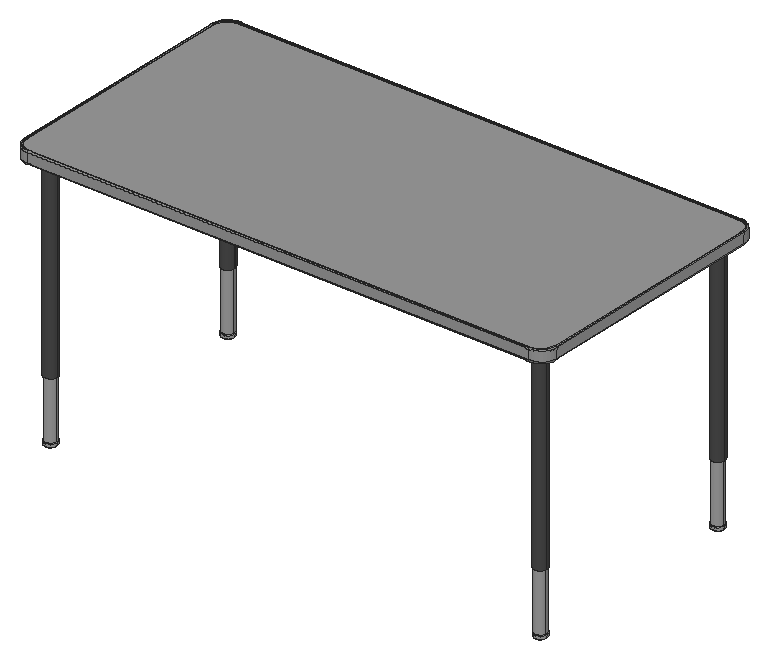
Revit family "Porcelain 6030 Rectangle Table", category Generic Models, Revit 2018
Family settings
  Can host rebar = No
  Round Connector Dimension = Use Diameter
  Part Type = Normal
  Work Plane-Based = No
  Always vertical = Yes
  Cut with Voids When Loaded = No
  Shared = No
  Room Calculation Point = No
Parameters
  Table Height = 2' - 5"
  Leg Finish = Shapes Leg Black
  Caster/Glider = Shapes Leg - Glide : Shapes Leg - Glide
Reference planes (in)
  plane 1 "Center (Front/Back)": y = 0
  plane 2: z = 0
  plane 3 "Center (Left/Right)": x = 0
  plane 4: z = 29
Dimensions and locks (in)
  "Table Height": plane 4 to level
  aligned and locked: plane 2 to level
  aligned and locked: nested 2 to plane 4
Nested families (in)
  nested 1: "Shapes Leg - Glide" at (-27.51562, 12.45427, 0), Leg Height <- "Table Height", Shapes Leg Finish <- "Leg Finish", type "Shapes Leg - Glide"
    with Shapes Leg Finish Shapes Leg Black, Leg Height 2' - 5"
  nested 2: "Porcelain 6030 Rectangle Tabletop" at (0, 0, 15.69459), type "Porcelain 6030 Rectangle Tabletop"
  nested 3: "Shapes Leg - Glide" at (-27.51562, -12.45427, 0), Leg Height <- "Table Height", Shapes Leg Finish <- "Leg Finish", type "Shapes Leg - Glide"
    with Shapes Leg Finish Shapes Leg Black, Leg Height 2' - 5"
  nested 4: "Shapes Leg - Glide" at (27.51563, 12.45427, 0), Leg Height <- "Table Height", type <- "Caster/Glider", Shapes Leg Finish <- "Leg Finish", type "Shapes Leg - Glide"
    with Shapes Leg Finish Shapes Leg Black, Leg Height 2' - 5"
  nested 5: "Shapes Leg - Glide" at (27.51562, -12.45427, 0), Leg Height <- "Table Height", type <- "Caster/Glider", Shapes Leg Finish <- "Leg Finish", type "Shapes Leg - Glide"
    with Shapes Leg Finish Shapes Leg Black, Leg Height 2' - 5"
Definition of nested family "Shapes Leg - Glide"
  Parameters (values of type "Shapes Leg - Glider")
    Shapes Leg Finish [instance] = none
    Leg Height [instance] = 2' - 4 1/2"
  Reference planes (in)
    plane 1 "Center (Front/Back)": y = 0
    plane 2: z = 0
    plane 3 "Center (Left/Right)": x = 0
  Forms (in)
    Extrusion 1, solid
      sketch origin (-0.01562, 0, 0) x (1, 0, 0) y (0, 1, 0)
        loop
          circle (0.01563, 0) r 0.64906
      from 0.50586 to 20.17439
  Dimensions and locks (in)
    "Leg Height": nested 2 to level
    aligned and locked: plane 2 to level
  Automatic sketch dimensions
    plane 1 "Center (Front/Back)" to Extrusion 1 sketch curve = 0' - 0"
    Extrusion 1 sketch curve to plane 3 "Center (Left/Right)" = 0' - 0"
    radius of Extrusion 1 sketch curve = 0' - 0.64906"
  Nested families (in)
    nested 1: "Glider" at (0, 0, 0), type "Glider"
    nested 2: "Shapes Upper Leg" at (0, 0, 0), Shapes Leg Finish <- "Shapes Leg Finish", type "Shapes Upper Leg"
      with Shapes Leg Finish none
  Definition of nested family "Glider"
    Reference planes (in)
      plane 1 "Center (Front/Back)": y = 0
      plane 2: z = 0
      plane 3 "Center (Left/Right)": x = 0
    Forms (in)
      Revolve 1, solid
        sketch origin (0, 0, 0) x (1, 0, 0) y (0, 0, 1)
          loop
            line (0.26614, 0.50586) -> (0, 0.50586) -> (0, 0.09994) -> (0.71656, 0.09994) -> (0.71656, 0.37634)
            arc (0.71656, 0.37634) -> (0.70181, 0.41548) -> (0.66511, 0.43552) r 0.06011
            arc (0.66511, 0.43552) -> (0.46609, 0.45951) -> (0.26614, 0.47365) r 4.06535
            line (0.26614, 0.47365) -> (0.26614, 0.50586)
          axis (0, 0.50586) -> (0, 0.09994)
        angle from 0 to 360
      Revolve 2, solid
        sketch origin (0, 0, 0) x (1, 0, 0) y (0, 0, 1)
          loop
            line (0.65534, 0.1212) -> (0, 0.1212) -> (0, 0) -> (0.57593, 0)
            arc (0.57593, 0) -> (0.63208, 0.02326) -> (0.65534, 0.07941) r 0.07941
            line (0.65534, 0.07941) -> (0.65534, 0.1212)
          axis (0, 0.1212) -> (0, 0)
        angle from 0 to 360
    Dimensions and locks (in)
      aligned and locked: plane 2 to level
  Definition of nested family "Shapes Upper Leg"
    Parameters (values of type "Shapes Upper Leg")
      Shapes Leg Finish [instance] = none
    Reference planes (in)
      plane 1 "Center (Front/Back)": y = 0
      plane 2: z = 0
      plane 3 "Center (Left/Right)": x = 0
    Forms (in)
      Extrusion 1, solid, material <- "Shapes Leg Finish"
        sketch origin (0, 0, 0) x (1, 0, 0) y (0, 1, 0)
          loop
            circle (0, 0) r 0.75
        from 6.5 to 28.5
    Dimensions and locks (in)
      aligned and locked: plane 2 to level
Definition of nested family "Porcelain 6030 Rectangle Tabletop"
  Parameters (values of type "Porcelain 6030 Rectangle Tabletop")
    Surface = none
    Edgeband = none
  Reference planes (in)
    plane 1 "Center (Front/Back)": y = 0
    plane 2: z = 0
    plane 3 "Center (Left/Right)": x = 0
  Forms (in)
    Extrusion 1, solid
      sketch origin (39.28513, -9.17802, 0) x (1, 0, 0) y (0, 1, 0)
        loop
          arc (-67.45442, 23.84896) -> (-68.55801, 23.39185) -> (-69.01513, 22.28826) r 1.5607
          line (-69.01513, 22.28826) -> (-69.01513, -3.93221)
          arc (-69.01513, -3.93221) -> (-68.55801, -5.0358) -> (-67.45442, -5.49292) r 1.5607
          line (-67.45442, -5.49292) -> (-11.11584, -5.49292)
          arc (-11.11584, -5.49292) -> (-10.01226, -5.0358) -> (-9.55514, -3.93221) r 1.5607
          line (-9.55514, -3.93221) -> (-9.55514, 22.28826)
          arc (-9.55514, 22.28826) -> (-10.01226, 23.39185) -> (-11.11584, 23.84896) r 1.5607
          line (-11.11584, 23.84896) -> (-67.45442, 23.84896)
      from 13.30541 to 14.53375
    Sweep 2, solid
      path origin (39.28513, -9.17802, 0) x (1, 0, 0) y (0, 1, 0)
        loop
          line (-11.11584, 23.91541) -> (-67.45442, 23.91541)
          arc (-67.45442, 23.91541) -> (-68.60499, 23.43883) -> (-69.08158, 22.28826) r 1.62715
          line (-69.08158, 22.28826) -> (-69.08158, -3.93221)
          arc (-69.08158, -3.93221) -> (-68.60499, -5.08278) -> (-67.45442, -5.55937) r 1.62715
          line (-67.45442, -5.55937) -> (-11.11584, -5.55937)
          arc (-11.11584, -5.55937) -> (-9.96527, -5.08278) -> (-9.48869, -3.93221) r 1.62715
          line (-9.48869, -3.93221) -> (-9.48869, 22.28826)
          arc (-9.48869, 22.28826) -> (-9.96527, 23.43883) -> (-11.11584, 23.91541) r 1.62715
      profile origin (0, 14.73739, 0) x (0, -1, 0) y (0, 0, 1)
        loop
          line (0, 13.34147) -> (0, 14.50949) -> (0.10571, 14.50949) -> (0.10571, 14.54167)
          arc (0.10571, 14.54167) -> (0.07218, 14.56143) -> (0.03507, 14.57312) r 0.1716
          line (0.03507, 14.57312) -> (-0.03244, 14.57312)
          arc (-0.03244, 14.57312) -> (-0.10136, 14.54458) -> (-0.12991, 14.47566) r 0.09746
          line (-0.12991, 14.47566) -> (-0.12991, 13.3753)
          arc (-0.12991, 13.3753) -> (-0.10137, 13.30639) -> (-0.03246, 13.27785) r 0.09745
          line (-0.03246, 13.27785) -> (0.02521, 13.27783)
          arc (0.02521, 13.27783) -> (0.04767, 13.28412) -> (0.06645, 13.29795) r 0.06478
          line (0.06645, 13.29795) -> (0.06645, 13.34147) -> (0, 13.34147)
  Dimensions and locks (in)
    aligned and locked: plane 2 to level
